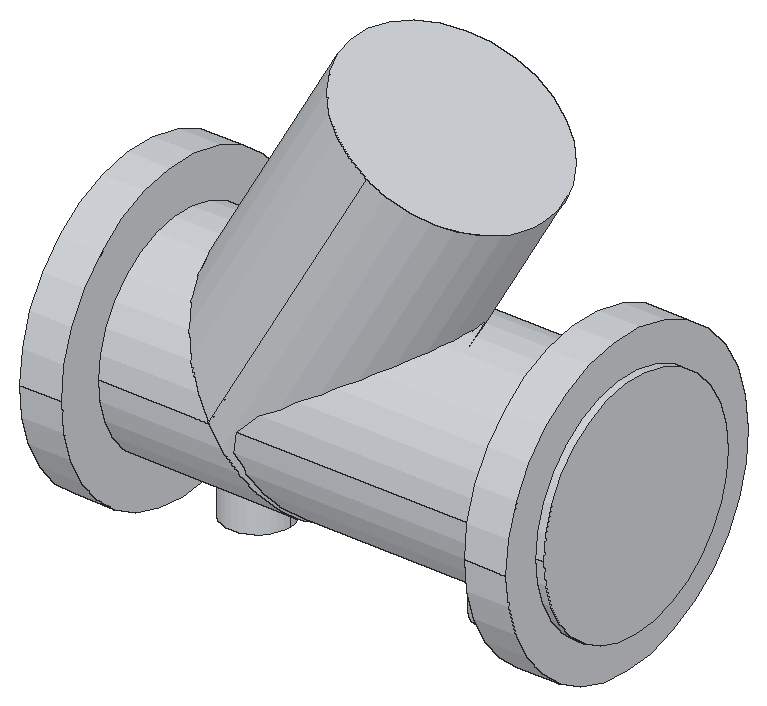
Revit family "HS 821-síto_jemné-PN25-DN200-RFA_2019", category Pipe Accessories, Revit 2019
Family settings
  Round Connector Dimension = Use Diameter
  Part Type = Breaks Into
  Work Plane-Based = No
  Always vertical = Yes
  Cut with Voids When Loaded = No
  Shared = No
Parameters (values of type "821D-DN200-PN25-síto_jemné")
  magiProductId = "16973f3c9ea14389ba8602495a6b64"
  magiProductFamilyId = "79214ac3aaa945e397802f559f5c1e"
  magiPartTypeId = 307
  isMeasuringValve [instance] = no
  ang2D [instance] = 0.00°
  ZB__ve = -ZB  # -56 mm
  ZB1 = 110.97 mm
  ZB = 56 mm
  X2 = 188.361 mm
  X1 = 84 mm
  W2D = 15 mm
  VersionID = "2.0/2017.9.26.1/ZETKAMA_821_001"
  Use Minimum Symbol Size [instance] = yes
  URL = "www.hydronic.cz"
  Type Comments = "Filtr přírubový; síto jemné; A-PN16 (-10~300°C); D-PN25 (-10~350°C); F-PN40 (-10~400°C)"
  S = 274 mm
  QmdConnectorList = "301;D;302;D"
  Productdata [instance] = ""
  Manufacturer = "Hydronic Systems Prague s.r.o."
  MC Product Code = "210 293 (821D; DN200; PN25; kvs706,7; oko síta 0,63mm)"
  LM1 = 48 mm
  LM = 480 mm
  L4 = 150 mm
  L2D_Min = 3048 mm
  L2D = 130 mm
  L2 = 300 mm
  HH2 = 326.25 mm
  FD = 360 mm
  Description = "Filtr přírubový; síto jemné; 821A-PN16; 821D-PN25; 821F-PN40"
  DM1 = 252 mm
  DM = 246.6 mm
  D = 200 mm
  CC = 10.2 mm
  CAT0 = yes
  C1 = 49.8 mm
  C = 60 mm
  BD = 77.679 mm
Types (40, lengths in mm): name | magiProductId | ZB__ve | ZB1 | ZB | X2 | X1 | S | MC Product Code | LM1 | LM | L4 | L2 | HH2 | FD | DM1 | DM | D | CC | C1 | C | BD
  821A-DN015-PN16-síto_jemné | "a71bcfe8b393460598b23e8ddf7dc5" | -16.25 | 18.63 | 16.25 | 46.982 | 18.2 | 46 | "210 115 (821A; DN015; PN16; kvs6,2; oko síta 0,63mm)" | 10.4 | 104 | 32.5 | 65 | 81.375 | 95 | 27.6 | 41.4 | 15 | 2.21 | 10.79 | 13 | 13.041
  821A-DN020-PN16-síto_jemné | "41cd6c7a12924f4991217528336076" | -17.75 | 22.68 | 17.75 | 51.673 | 21 | 56 | "210 120 (821A; DN020; PN16; kvs9,6; oko síta 0,63mm)" | 12 | 120 | 37.5 | 75 | 89.5 | 105 | 33.6 | 50.4 | 20 | 2.55 | 12.45 | 15 | 15.876
  821A-DN025-PN16-síto_jemné | "be378b463ed14c3abf4c9b3ae8cf3a" | -19.25 | 26.325 | 19.25 | 58.601 | 22.4 | 65 | "210 125 (821A; DN025; PN16; kvs14,2; oko síta 0,63mm)" | 12.8 | 128 | 40 | 80 | 101.5 | 115 | 43.2 | 58.5 | 25 | 2.72 | 13.28 | 16 | 18.427
  821A-DN032-PN16-síto_jemné | "227a0d18b21540afabe8b6067d35fa" | -23 | 30.78 | 23 | 68.849 | 25.2 | 76 | "210 132 (821A; DN032; PN16; kvs23,1; oko síta 0,63mm)" | 14.4 | 144 | 45 | 90 | 119.25 | 140 | 50.4 | 68.4 | 32 | 3.06 | 14.94 | 18 | 21.546
  821A-DN040-PN16-síto_jemné | "d106917c74724141a10440112d0102" | -24.5 | 34.02 | 24.5 | 75.777 | 28 | 84 | "210 140 (821A; DN040; PN16; kvs36,6; oko síta 0,63mm)" | 16 | 160 | 50 | 100 | 131.25 | 150 | 60 | 75.6 | 40 | 3.4 | 16.6 | 20 | 23.814
  821A-DN050-PN16-síto_jemné | "8255d456a09e4f6486734f5dd9171b" | -26.75 | 40.095 | 26.75 | 79.061 | 32.2 | 99 | "210 150 (821A; DN050 PN16; kvs53,7; oko síta 0,63mm)" | 18.4 | 184 | 57.5 | 115 | 136.938 | 165 | 73.8 | 89.1 | 50 | 3.91 | 19.09 | 23 | 28.066
  821A-DN065-PN16-síto_jemné | "235b1b3e4c0843779a4d5e3716d40a" | -29.75 | 47.79 | 29.75 | 86.927 | 40.6 | 118 | "210 165 (821A; DN065; PN16; kvs95,1; oko síta 0,63mm)" | 23.2 | 232 | 72.5 | 145 | 150.562 | 185 | 94.2 | 106.2 | 65 | 4.93 | 24.07 | 29 | 33.453
  821A-DN080-PN16-síto_jemné | "a067f7c5236348ed8c820d16df7214" | -32 | 53.46 | 32 | 104.753 | 43.4 | 132 | "210 180 (821A; DN080; PN16; kvs137,1; oko síta 0,63mm)" | 24.8 | 248 | 77.5 | 155 | 181.438 | 200 | 107.4 | 118.8 | 80 | 5.27 | 25.73 | 31 | 37.422
  821A-DN100-PN16-síto_jemné | "c49a648c2747461285837d643703cd" | -35 | 63.18 | 35 | 114.857 | 49 | 156 | "210 190 (821A; DN100; PN16; kvs206,4; oko síta 0,63mm)" | 28 | 280 | 87.5 | 175 | 198.937 | 220 | 131.4 | 140.4 | 100 | 5.95 | 29.05 | 35 | 44.226
  821A-DN125-PN16-síto_jemné | "bf68e728a163493cbd2a663b26ebdc" | -39.5 | 74.52 | 39.5 | 131.888 | 56 | 184 | "210 191 (821A; DN125; PN16; kvs268,8; oko síta 0,63mm)" | 32 | 320 | 100 | 200 | 228.438 | 250 | 165 | 165.6 | 125 | 6.8 | 33.2 | 40 | 52.164
  821A-DN150-PN16-síto_jemné | "2de770284b654863ae6bc865769dc5" | -44.75 | 85.455 | 44.75 | 155.885 | 67.2 | 211 | "210 192 (821A; DN150; PN16; kvs401,4; oko síta 0,63mm)" | 38.4 | 384 | 120 | 240 | 270 | 285 | 192 | 189.9 | 150 | 8.16 | 39.84 | 48 | 59.818
  821A-DN200-PN16-síto_jemné | "8e5693371ab64aabb29a7f08c76e15" | -53 | 107.73 | 53 | 188.361 | 84 | 266 | "210 193 (821A; DN200; PN16; kvs706,7; oko síta 0,63mm)" | 48 | 480 | 150 | 300 | 326.25 | 340 | 252 | 239.4 | 200 | 10.2 | 49.8 | 60 | 75.411
  821A-DN250-PN16-síto_jemné | "05e37ed948c34047acdd4c42556504" | -62.75 | 129.195 | 62.75 | 255.911 | 102.2 | 319 | "210 194 (821A; DN250; PN16; kvs1229,4; oko síta 0,63mm)" | 58.4 | 584 | 182.5 | 365 | 443.25 | 405 | 309.6 | 287.1 | 250 | 12.41 | 60.59 | 73 | 90.436
  821A-DN300-PN16-síto_jemné | "9ad0af747269428da925480d83ce80" | -71 | 149.85 | 71 | 325.914 | 119 | 370 | "210 195 (821A; DN300; PN16; kvs1902,4; oko síta 0,63mm)" | 68 | 680 | 212.5 | 425 | 564.5 | 460 | 369.6 | 333 | 300 | 14.45 | 70.55 | 85 | 104.895
  821A-DN350-PN16-síto_jemné | "eebc71459bb3451bb4355e7951370a" | -80 | 173.745 | 80 | 356.875 | 137.2 | 429 | "200 196 (821A; DN350; PN16; kvs2611,0; oko síta 0,63mm)" | 78.4 | 784 | 245 | 490 | 618.125 | 520 | 438 | 386.1 | 350 | 16.66 | 81.34 | 98 | 121.621
  821A-DN400-PN16-síto_jemné | "d2f677cb196647e385b2590e7d8abe" | -89 | 194.4 | 89 | 392.237 | 154 | 480 | "210 197 (821A; DN400; PN16; kvs3438,4; oko síta 0,63mm)" | 88 | 880 | 275 | 550 | 679.375 | 580 | 498 | 432 | 400 | 18.7 | 91.3 | 110 | 136.08
  821D-DN015-PN25-síto_jemné | "27ddcbf555414f8ca1fde329bf9087" | -16.25 | 18.63 | 16.25 | 46.982 | 18.2 | 46 | "210 215 (821D; DN015; PN25; kvs6,2; oko síta 0,63mm)" | 10.4 | 104 | 32.5 | 65 | 81.375 | 95 | 27.6 | 41.4 | 15 | 2.21 | 10.79 | 13 | 13.041
  821D-DN020-PN25-síto_jemné | "270e0f14012f47189cd0235c18faee" | -17.75 | 22.68 | 17.75 | 51.673 | 21 | 56 | "210 220 (821D; DN020; PN25; kvs9,6; oko síta 0,63mm)" | 12 | 120 | 37.5 | 75 | 89.5 | 105 | 33.6 | 50.4 | 20 | 2.55 | 12.45 | 15 | 15.876
  821D-DN025-PN25-síto_jemné | "b9a7fb4aa36643878c637d8e1ab992" | -19.25 | 26.325 | 19.25 | 58.601 | 22.4 | 65 | "210 225 (821D; DN025; PN25; kvs14,2; oko síta 0,63mm)" | 12.8 | 128 | 40 | 80 | 101.5 | 115 | 43.2 | 58.5 | 25 | 2.72 | 13.28 | 16 | 18.427
  821D-DN032-PN25-síto_jemné | "6be9a55c4e68400f94eec7e804204c" | -23 | 30.78 | 23 | 68.849 | 25.2 | 76 | "210 232 (821D; DN032; PN25; kvs23,1; oko síta 0,63mm)" | 14.4 | 144 | 45 | 90 | 119.25 | 140 | 50.4 | 68.4 | 32 | 3.06 | 14.94 | 18 | 21.546
  821D-DN040-PN25-síto_jemné | "c54511bd7f584ec2984291479612cb" | -24.5 | 34.02 | 24.5 | 75.777 | 28 | 84 | "210 240 (821D; DN040; PN25; kvs36,6; oko síta 0,63mm)" | 16 | 160 | 50 | 100 | 131.25 | 150 | 60 | 75.6 | 40 | 3.4 | 16.6 | 20 | 23.814
  821D-DN050-PN25-síto_jemné | "5483b1f596b04cd39b23a14a22c90e" | -26.75 | 40.095 | 26.75 | 79.061 | 32.2 | 99 | "210 250 (821D; DN050; PN25; kvs53,7; oko síta 0,63mm)" | 18.4 | 184 | 57.5 | 115 | 136.938 | 165 | 73.8 | 89.1 | 50 | 3.91 | 19.09 | 23 | 28.066
  821D-DN065-PN25-síto_jemné | "767b0f8318e94750bc7a9930ed5b30" | -29.75 | 47.79 | 29.75 | 86.927 | 40.6 | 118 | "210 265 (821D; DN065; PN25; kvs95,1; oko síta 0,63mm)" | 23.2 | 232 | 72.5 | 145 | 150.562 | 185 | 94.2 | 106.2 | 65 | 4.93 | 24.07 | 29 | 33.453
  821D-DN080-PN25-síto_jemné | "e21040fa3cc2404b858198f6b73709" | -32 | 53.46 | 32 | 104.753 | 43.4 | 132 | "210 280 (821D; DN080; PN25; kvs137,1; oko síta 0,63mm)" | 24.8 | 248 | 77.5 | 155 | 181.438 | 200 | 107.4 | 118.8 | 80 | 5.27 | 25.73 | 31 | 37.422
  821D-DN100-PN25-síto_jemné | "175ca87a506b40b3bc6b82f12f33cf" | -37.25 | 63.18 | 37.25 | 114.857 | 49 | 156 | "210 290 (821D; DN100; PN25; kvs206,4; oko síta 0,63mm)" | 28 | 280 | 87.5 | 175 | 198.937 | 235 | 131.4 | 140.4 | 100 | 5.95 | 29.05 | 35 | 44.226
  821D-DN125-PN25-síto_jemné | "77cc98d60da24855999a22dff726b2" | -42.5 | 74.52 | 42.5 | 131.888 | 56 | 184 | "210 291 (821D; DN125; PN25; kvs268,8; oko síta 0,63mm)" | 32 | 320 | 100 | 200 | 228.438 | 270 | 165 | 165.6 | 125 | 6.8 | 33.2 | 40 | 52.164
  821D-DN150-PN25-síto_jemné | "9cf8acfcd15547d68e83172d3abcbe" | -47 | 85.455 | 47 | 155.885 | 67.2 | 211 | "210 292 (821D; DN150; PN25; kvs401,4; oko síta 0,63mm)" | 38.4 | 384 | 120 | 240 | 270 | 300 | 192 | 189.9 | 150 | 8.16 | 39.84 | 48 | 59.818
  821D-DN200-PN25-síto_jemné | "16973f3c9ea14389ba8602495a6b64" | -56 | 110.97 | 56 | 188.361 | 84 | 274 | "210 293 (821D; DN200; PN25; kvs706,7; oko síta 0,63mm)" | 48 | 480 | 150 | 300 | 326.25 | 360 | 252 | 246.6 | 200 | 10.2 | 49.8 | 60 | 77.679
  821F-DN015-PN40-síto_jemné | "4c7eaf3c4c0340888b3e684d8a8616" | -16.25 | 18.225 | 16.25 | 46.982 | 18.2 | 45 | "250 615 (821F; DN015; PN40; kvs6,2; oko síta 0,63mm)" | 10.4 | 104 | 32.5 | 65 | 81.375 | 95 | 27.6 | 40.5 | 15 | 2.21 | 10.79 | 13 | 12.757
  821F-DN020-PN40-síto_jemné | "aaac5f1ec96b44d6ba96ac2293d66d" | -17.75 | 23.49 | 17.75 | 51.673 | 21 | 58 | "250 620 (821F; DN020; PN40; kvs9,6; oko síta 0,63mm)" | 12 | 120 | 37.5 | 75 | 89.5 | 105 | 33.6 | 52.2 | 20 | 2.55 | 12.45 | 15 | 16.443
  821F-DN025-PN40-síto_jemné | "504768023968471481789485b54c7e" | -19.25 | 27.54 | 19.25 | 58.601 | 22.4 | 68 | "250 625 (821F; DN025; PN40; kvs14,2; oko síta 0,63mm)" | 12.8 | 128 | 40 | 80 | 101.5 | 115 | 43.2 | 61.2 | 25 | 2.72 | 13.28 | 16 | 19.278
  821F-DN032-PN40-síto_jemné | "165e7f39cf744f329bdf1c400dad12" | -23 | 31.59 | 23 | 68.849 | 25.2 | 78 | "250 632 (821F; DN032; PN40; kvs23,1; oko síta 0,63mm)" | 14.4 | 144 | 45 | 90 | 119.25 | 140 | 50.4 | 70.2 | 32 | 3.06 | 14.94 | 18 | 22.113
  821F-DN040-PN40-síto_jemné | "b8903f952089408fbf3a5a632bab1f" | -24.5 | 35.64 | 24.5 | 75.777 | 28 | 88 | "250 640 (821F; DN040; PN40; kvs36,6; oko síta 0,63mm)" | 16 | 160 | 50 | 100 | 131.25 | 150 | 60 | 79.2 | 40 | 3.4 | 16.6 | 20 | 24.948
  821F-DN050-PN40-síto_jemné | "c451f97266fe48da8f879cb6a2bd44" | -26.75 | 41.31 | 26.75 | 79.061 | 32.2 | 102 | "250 650 (821F; DN050; PN40; kvs53,7; oko síta 0,63mm)" | 18.4 | 184 | 57.5 | 115 | 136.938 | 165 | 73.8 | 91.8 | 50 | 3.91 | 19.09 | 23 | 28.917
  821F-DN065-PN40-síto_jemné | "dc9821e3f9b34e128f6a8c6b34c198" | -29.75 | 49.41 | 29.75 | 86.927 | 40.6 | 122 | "250 665 (821F; DN065; PN40; kvs95,1; oko síta 0,63mm)" | 23.2 | 232 | 72.5 | 145 | 150.562 | 185 | 94.2 | 109.8 | 65 | 4.93 | 24.07 | 29 | 34.587
  821F-DN080-PN40-síto_jemné | "689aa1e260f84cf4994f027a1d86b5" | -32 | 55.89 | 32 | 104.753 | 43.4 | 138 | "250 680 (821F; DN080; PN40; kvs137,1; oko síta 0,63mm)" | 24.8 | 248 | 77.5 | 155 | 181.438 | 200 | 107.4 | 124.2 | 80 | 5.27 | 25.73 | 31 | 39.123
  821F-DN100-PN40-síto_jemné | "8a45d4e8e2ab425f8c432f21d684f3" | -37.25 | 65.61 | 37.25 | 114.857 | 49 | 162 | "250 690 (821F; DN100; PN40; kvs206,4; oko síta 0,63mm)" | 28 | 280 | 87.5 | 175 | 198.937 | 235 | 131.4 | 145.8 | 100 | 5.95 | 29.05 | 35 | 45.927
  821F-DN125-PN40-síto_jemné | "cf073904c006406b8645afa67ea2fc" | -42.5 | 76.14 | 42.5 | 131.888 | 56 | 188 | "250 691 (821F; DN125; PN40; kvs268,8; oko síta 0,63mm)" | 32 | 320 | 100 | 200 | 228.438 | 270 | 165 | 169.2 | 125 | 6.8 | 33.2 | 40 | 53.298
  821F-DN150-PN40-síto_jemné | "0153b9ddabe14992a630484929fdbc" | -47 | 88.29 | 47 | 155.885 | 67.2 | 218 | "250 692 (821F; DN150; PN40; kvs401,4; oko síta 0,63mm)" | 38.4 | 384 | 120 | 240 | 270 | 300 | 192 | 196.2 | 150 | 8.16 | 39.84 | 48 | 61.803
  821F-DN200-PN40-síto_jemné | "7fb3fc01dd8d42428c203e3f8dd4d5" | -56 | 115.425 | 56 | 188.361 | 84 | 285 | "250 693 (821F; DN200; PN40; kvs706,7; oko síta 0,63mm)" | 48 | 480 | 150 | 300 | 326.25 | 360 | 252 | 256.5 | 200 | 10.2 | 49.8 | 60 | 80.797
Reference planes
  plane 1 "Center (Front/Back)": y = 0
  plane 2 "XYPLANE": z = 0
  plane 3 "Center (Left/Right)": x = 0
  plane 4 "109": x = -192
  plane 5 "108": x = 240
  plane 6 "107": x = -240
  plane 7 "105": x = 300
  plane 8 "104": x = -300
  plane 9 "103": y = 0
  plane 10 "102": z = 0
  plane 11 "101": x = -289.8
  plane 12 "100": x = 289.8
  plane 13 "11": x = -108
  plane 14 "10": z = 326.25
  plane 15 "9": x = 80.361
  plane 16 "5": z = -110.97
  plane 17 "4": x = -150
  plane 18 "1": x = 150
Forms (mm)
  Extrusion 1, solid, visible <- "CAT0"
    sketch origin (-240, -750, 0) x (0, 1, 0) y (0, 0, 1)
      loop
        circle (750, 0) r 123.3
    from 0 to 480 <- "LM"
  Extrusion 2, solid
    sketch origin (-300, -750, 0) x (0, 1, 0) y (0, 0, 1)
      loop
        circle (750, 0) r 137
    from 0 to 10.2 <- "CC"
  Extrusion 3, solid
    sketch origin (-289.8, -750, 0) x (0, 1, 0) y (0, 0, 1)
      loop
        circle (750, 0) r 180
    from 0 to 49.8 <- "C1"
  Extrusion 4, solid
    sketch origin (240, -750, 0) x (0, 1, 0) y (0, 0, 1)
      loop
        circle (750, 0) r 180
    from 0 to 49.8 <- "C1"
  Extrusion 5, solid
    sketch origin (289.8, -750, 0) x (0, 1, 0) y (0, 0, 1)
      loop
        circle (750, 0) r 137
    from 0 to 10.2 <- "CC"
  Sweep 6, solid, visible <- "CAT0"
    path origin (750, 0, 0) x (-1, 0, 0) y (0, 0, 1)
      loop
        line (990, 0) -> (858, 0) -> (669.639, 326.25)
    profile origin (-240, 0, 0) x (0, 0, -1) y (0, 1, 0)
      loop
        circle (0, 0) r 126
  Extrusion 7, solid, visible <- "CAT0"
    sketch origin (-750, 0, -110.97) x (1, 0, 0) y (0, 1, 0)
      loop
        circle (600, 0) r 38.839
    from 0 to -56 <- "ZB__ve"
  Extrusion 8, solid, visible <- "CAT0"
    sketch origin (-750, 0, -110.97) x (1, 0, 0) y (0, 1, 0)
      loop
        circle (900, 0) r 38.839
    from 0 to -56 <- "ZB__ve"
  Extrusion 9, solid, not visible
    sketch origin (300, -750, 0) x (0, 1, 0) y (0, 0, 1)
      loop
        circle (750, 0) r 10
    from 0 to -10
  Extrusion 10, solid, not visible
    sketch origin (-300, -750, 0) x (0, 1, 0) y (0, 0, 1)
      loop
        circle (750, 0) r 10
    from 0 to 10
Lines and regions (mm)
  reference lines, not visible
    curve 1: circle (2, 2, 0) r 1 normal (0, 0, 1)
Dimensions and locks
  plane 1 "Center (Front/Back)" to curve 1 = 2 mm
  "LM1": plane 6 "107" to plane 4 "109"
  "LM": plane 6 "107" to plane 5 "108"
  "C": plane 8 "104" to plane 6 "107"
  "L2": plane 3 "Center (Left/Right)" to plane 7 "105"
  "L2": plane 3 "Center (Left/Right)" to plane 8 "104"
  locked: plane 1 "Center (Front/Back)" to plane 9 "103"
  locked: plane 2 "XYPLANE" to plane 10 "102"
  "CC": plane 8 "104" to plane 11 "101"
  "C1": plane 5 "108" to plane 12 "100"
  "X1": plane 4 "109" to plane 13 "11"
  "HH2": plane 2 "XYPLANE" to plane 14 "10"
  "X2": plane 13 "11" to plane 15 "9"
  "ZB1": plane 2 "XYPLANE" to plane 16 "5"
  "L4": plane 8 "104" to plane 17 "4"
  "L2": plane 17 "4" to plane 18 "1"
  Sweep 6 sketch curve to Sweep 6 sketch curve = 0 mm  (x2)
  "DM": diameter of Extrusion 1 sketch curve
  "S": diameter of Extrusion 2 sketch curve
  "FD": diameter of Extrusion 3 sketch curve
  "FD": diameter of Extrusion 4 sketch curve
  "S": diameter of Extrusion 5 sketch curve
  "DM1": diameter of Sweep 6 sketch curve
  "BD": diameter of Extrusion 7 sketch curve
  "BD": diameter of Extrusion 8 sketch curve
  aligned and locked: level to plane 2 "XYPLANE"
  aligned and locked: Extrusion 1 sketch curve to plane 9 "103"
  aligned and locked: plane 10 "102" to Extrusion 1 sketch curve
  aligned and locked: Extrusion 2 sketch curve to plane 9 "103"
  aligned and locked: plane 10 "102" to Extrusion 2 sketch curve
  aligned and locked: Extrusion 3 sketch curve to plane 9 "103"
  aligned and locked: plane 10 "102" to Extrusion 3 sketch curve
  aligned and locked: Extrusion 4 sketch curve to plane 9 "103"
  aligned and locked: plane 10 "102" to Extrusion 4 sketch curve
  aligned and locked: Extrusion 5 sketch curve to plane 9 "103"
  aligned and locked: plane 10 "102" to Extrusion 5 sketch curve
  aligned and locked: Sweep 6 sketch curve to plane 9 "103"
  aligned and locked: plane 10 "102" to Sweep 6 sketch curve  (x3)
  aligned and locked: plane 6 "107" to Sweep 6 sketch curve
  aligned and locked: plane 13 "11" to Sweep 6 sketch curve
  aligned and locked: plane 14 "10" to Sweep 6 sketch curve
  aligned and locked: plane 15 "9" to Sweep 6 sketch curve
  aligned and locked: plane 9 "103" to Extrusion 7 sketch curve
  aligned and locked: plane 17 "4" to Extrusion 7 sketch curve
  aligned and locked: plane 9 "103" to Extrusion 8 sketch curve
  aligned and locked: plane 18 "1" to Extrusion 8 sketch curve
  aligned and locked: Extrusion 9 sketch curve to plane 9 "103"
  aligned and locked: plane 10 "102" to Extrusion 9 sketch curve
  aligned and locked: Extrusion 10 sketch curve to plane 9 "103"
  aligned and locked: plane 10 "102" to Extrusion 10 sketch curve
Automatic sketch dimensions
  plane 1 "Center (Front/Back)" to Extrusion 9 sketch curve = 10 mm
  plane 1 "Center (Front/Back)" to Extrusion 10 sketch curve = 10 mm
  plane 3 "Center (Left/Right)" to curve 1 = 2 mm
  radius of curve 1 = 1 mm
Connectors
  piping at (-300, 0, 0), diameter 200, driven by "D"
    settings: on Extrusion 10, index 1, connector inside diameter 609.6 mm, connector length 0 mm, flow factor 0, pipe flow 0.0 L/s, pressure drop 0.0 Pa, fitting loss kfactor 0, connector angle 0.00°, fixture units 0, engagement length 0 mm, angle of deflection 0.00°, flow configuration 0, flow direction 0, fitting loss method 0, system type 29, joint type 0, gender type 0, connector reference index 2, connector utility 0, adjustable connector no, is connector primary yes, connector description ""
  piping at (300, 0, 0), diameter 200, driven by "D"
    settings: on Extrusion 9, index 2, connector inside diameter 609.6 mm, connector length 0 mm, flow factor 0, pipe flow 0.0 L/s, pressure drop 0.0 Pa, fitting loss kfactor 0, connector angle 0.00°, fixture units 0, engagement length 0 mm, angle of deflection 0.00°, flow configuration 0, flow direction 0, fitting loss method 0, system type 29, joint type 0, gender type 0, connector reference index 1, connector utility 0, adjustable connector no, is connector primary no, connector description ""
